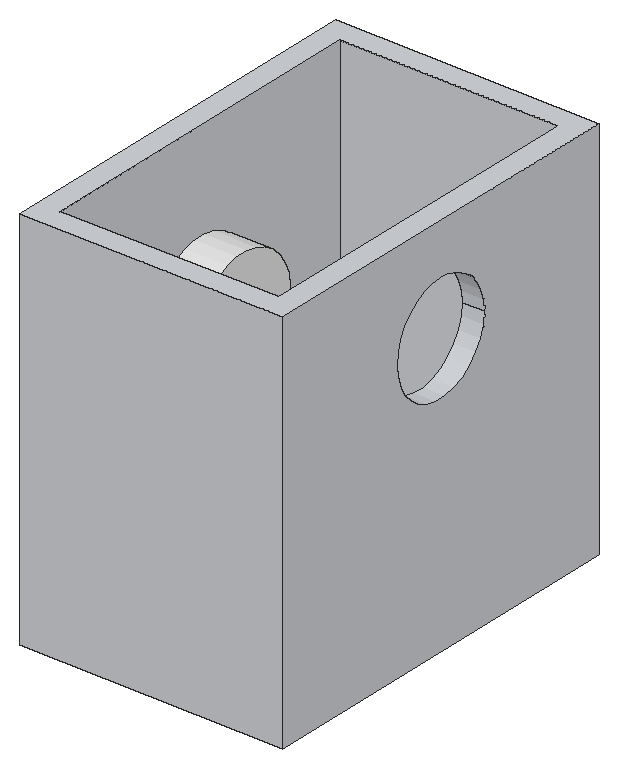
Revit family "ACO Q-Brake Vortex - Flat Type - For Rectangular Manholes", category Generic Models, host Floor, Revit 2013
Parameters
  Watermarked With = "BIM Manager Premium Suite."
  Watermarked By = "www.aco.co.uk"
  Watermark 2 = "This file is water marked and users are prohibited to reproduce, adapt, distribute this information."
  Watermark 1 = "This file is the property of ACO Technologies PLC."
  Manhole Height [instance] = 1250 mm
  Manhole Internal Length [instance] = 1200 mm
  Manhole Internal Width [instance] = 750 mm
  Manhole Inlet Pipe Diameter [instance] = 375 mm
  Manhole Inlet Pipe Invert – Ground Level to Pipe Invert [instance] = 800 mm
  Manhole Overall Depth – Ground Level to Manhole Base [instance] = 1500 mm
  Manhole Wall Thickness [instance] = 75 mm
  Design Head – Invert of outlet pipe to top water level = "Client to populate"
  ACO Q–Brake Vortex – Body Diameter [instance] = 400 mm
  ACO Q–Brake Vortex – BodyThickness [instance] = 150 mm
  ACO Q–Brake Vortex – Outlet Pipe Diameter [instance] = 225 mm
  ACO Q–Brake Vortex – Outlet Pipe Invert – Ground Level to Pipe Invert [instance] = 900 mm
  ACO Q–Brake Vortex – Orifice Diameter [instance] = 0 mm
  ACO Q–Brake Vortex – Design Flow – Max Discharge @ Design Head [instance] = 0 mm
  Void Depth [instance] = -Bottom Depth - Reference  # -1575 mm
  Created By = "www.aco.co.uk"
  Revision = "1"
  WFU = ""
  HWFU = ""
  CWFU = ""
  e-mail Technical = "technical@aco.co.uk"
  e-mail Sales = "customersupport@aco.co.uk"
  Reference [instance] = if(Manhole Dep < Manhole High, 0 mm, Manhole Dep - Manhole High)  # 250 mm
  WarrantyStartDate = ""
  WarrantyDuration = ""
  Wall Thick [instance] = if(and(Manhole Wall Thickness > 74 mm, Manhole Wall Thickness < 151 mm), Manhole Wall Thickness, -20 mm)  # 75 mm
  URL = "www.aco.co.uk"
  TypeName = ""
  Type Comments = "ACO Q-Brake Vortex Flow Control - To Suit Flat Manhole"
  Telephone = "+44 (0)1462 816666"
  TagNumber = 0 mm
  SerialNumber = 0 mm
  Reference Height [instance] = ACO Q–Brake Vortex – OPI Pipe Invert.  # 787.5 mm
  Q-Brake Vortexl Colour = "Silver"
  Q-Brake VortexRecyclable = "Fully recyclable"
  Q-Brake Vortex Recycled Material Content = "Between 40% - 90%"
  Q-Brake Vortex Material = "Stainless Steel Grade 304"
  Product brochure = "http://www.aco.co.uk/download.php?id=316"
  Product Page URL = "http://www.aco.co.uk/product_detail.php?id=53"
  Product Code = "Contact ACO for bespoke product code"
  Price = "POA - contact ACO"
  ACO Q–Brake Vortex – OPI Pipe Invert. = 787.5 mm
  Name = ""
  Model Description = "Stormwater Flow Control System"
  Model = "ACO Q-Brake Vortex"
  Manufacturer = "ACO Technologies plc - ACO Water Management Division"
  Manhole Side Width [instance] = if(and(Manhole Internal Width > 499 mm, Manhole Internal Width < 4001 mm), Manhole Internal Width, 0 mm)  # 750 mm
  Manhole Side Len [instance] = if(and(Manhole Internal Length > 499 mm, Manhole Internal Length < 4001 mm), Manhole Internal Length, 0 mm)  # 1200 mm
  Manhole High [instance] = if(and(Manhole Height > 499 mm, Manhole Height < 4001 mm), Manhole Height, 0 mm)  # 1250 mm
  Manhole Dep [instance] = if(and(Manhole Overall Depth – Ground Level to Manhole Base > 749 mm, Manhole Overall Depth – Ground Level to Manhole Base < 4251 mm), Manhole Overall Depth – Ground Level to Manhole Base, 0 mm)  # 1500 mm
  Maintenance guidelines = "http://www.aco.co.uk/download.php?id=316"
  InstallationDate = ""
  Installation guidelines = "http://www.aco.co.uk/download.php?id=316"
  Inlet Hole High [instance] = if(and(Manhole Inlet Pipe Invert – Ground Level to Pipe Invert > 799 mm, Manhole Inlet Pipe Invert – Ground Level to Pipe Invert < 4001 mm), Manhole Inlet Pipe Invert – Ground Level to Pipe Invert, -20 mm)  # 800 mm
  Inlet Opening [instance] = if(and(Manhole Inlet Pipe Diameter > 159 mm, Manhole Inlet Pipe Diameter < 1001 mm), Manhole Inlet Pipe Diameter / 2, 0 mm)  # 187.5 mm
  Void Length [instance] = Manhole Internal Length + Manhole Wall Thickness * 2  # 1350 mm
  Head High = 787.5 mm
  Void Width [instance] = Manhole Internal Width + Manhole Wall Thickness * 2  # 900 mm
  Fax = "+44 (0)1462 815895"
  Exidentifier = ""
  Created on = ""
  Created by = ""
  Cost = 0
  Centre = 0 mm
  COBie Description = ""
  Bottom Depth [instance] = Manhole High + Wall Thick  # 1325 mm
  AssetIdentifier = ""
  Assembly Code = "D2040"
  Address = "ACO Business Park, Hitchin Road, Shefford, Bedfordshire, United Kingdom SG17 5TE"
  AccessibiltyPerformance = ""
  ACO Q-Brake Vortex outlet pipe Ø = "Client to populate"
  ACO Q-Brake Vortex orifice Ø = "Contact ACO for further details"
  ACO Q-Brake Vortex body Ø = "Contact ACO for further details"
  ACO Q-Brake Vortex body width = "Contact ACO for further details"
  ACO Q-Brake Vortex Part No = "Contact ACO for further details"
  ACO Q-Brake Vortex - Design Flow – Max Discharge @ Design Head = "Client to populate"
  ACO Product Code [instance] = ""
  ACO Hydraulic Design Software = "http://www.acodesign.co.uk"
  ACO Q–Brake Vortex – Body Radius [instance] = if(and(ACO Q–Brake Vortex – Body Diameter > 149 mm, ACO Q–Brake Vortex – Body Diameter < 1501 mm), ACO Q–Brake Vortex – Body Diameter / 2, 0 mm)  # 200 mm
  ACO Q–Brake Vortex – Outlet Pipe Radius [instance] = if(and(ACO Q–Brake Vortex – Outlet Pipe Diameter > 49 mm, ACO Q–Brake Vortex – Outlet Pipe Diameter < 901 mm), ACO Q–Brake Vortex – Outlet Pipe Diameter / 2, 0 mm)  # 112.5 mm
  ACO Q–Brake Vortex – Outlet Pipe Length. [instance] = 150 mm + ACO Q–Brake Vortex – Outlet Pipe Diameter / 4  # 206.25 mm
Reference planes
  plane 1 "Center (Front/Back)": y = 0
  plane 2: z = 0
  plane 3 "Center (Left/Right)": x = 0
  plane 4: z = 787.5
  plane 5: z = -250
  plane 6: z = -1408.523
Forms (mm)
  Extrusion 1, solid
    sketch origin (0, 570, -250) x (-1, 0, 0) y (0, 1, 0)
      loop
        line (-450, 105) -> (-450, -1245) -> (450, -1245) -> (450, 105) -> (-450, 105)
    from 0 to 1325 <- "Bottom Depth"
  Extrusion 2, void
    sketch origin (0, 0, 0) x (0, 1, 0) y (0, 0, 1)
      loop
        circle (0, -787.5) r 112.5
    from -6657.624 to 0
  Extrusion 3, solid, material "Silver"
    sketch origin (-375, -600, -250) x (0, 1, 0) y (0, 0, 1)
      loop
        arc (600, -737.5) -> (741.421, -396.079) -> (400, -537.5) r 200
        line (400, -537.5) -> (400, -737.5) -> (600, -737.5)
    from 0 to 150
  Extrusion 4, solid, material "Porcelain, Linen"
    sketch origin (-375, -600, -250) x (0, -1, 0) y (0, 0, 1)
      loop
        circle (-600, -537.5) r 112.5
    from 0 to 206.25
  Extrusion 5, void
    sketch origin (0, -430, -250) x (0, -1, 0) y (-1, 0, 0)
      loop
        line (-1030, -375) -> (170, -375) -> (170, 375) -> (-1030, 375) -> (-1030, -375)
    from 0 to 1250 <- "Manhole High"
  Extrusion 6, void
    sketch origin (450, 1625, -250) x (0, 1, 0) y (0, 0, -1)
      loop
        circle (-1625, 362.5) r 187.5
    from -541.165 to 395.203
  Extrusion 7, void
    sketch origin (0, 0, 0) x (1, 0, 0) y (0, 1, 0)
      loop
        line (450, 675) -> (-450, 675) -> (-450, -675) -> (450, -675) -> (450, 675)
    from 0 to -1575 <- "Void Depth"
Cuts and joins
  Extrusion 2, Extrusion 5, Extrusion 6 cuts Extrusion 1
Dimensions and locks
  "Centre": plane 1 "Center (Front/Back)" to Extrusion 4 sketch curve
  "Reference Height": plane 4 to plane 2
  "ACO Q–Brake Vortex – BodyThickness": Extrusion 3 to Extrusion 3
  "ACO Q–Brake Vortex – Outlet Pipe Length.": Extrusion 4 to Extrusion 4
  equal spacing: cut or joined group of Extrusion 1, Extrusion 2, Extrusion 5, Extrusion 6, plane 3 "Center (Left/Right)", cut or joined group of Extrusion 1, Extrusion 2, Extrusion 5, Extrusion 6
  equal spacing: cut or joined group of Extrusion 1, Extrusion 2, Extrusion 5, Extrusion 6, plane 1 "Center (Front/Back)", cut or joined group of Extrusion 1, Extrusion 2, Extrusion 5, Extrusion 6
  "Centre": plane 1 "Center (Front/Back)" to Extrusion 3 sketch curve
  "Manhole Side Len": Extrusion 5 sketch curve to Extrusion 5 sketch curve
  "Manhole Side Width": Extrusion 5 sketch curve to Extrusion 5 sketch curve
  "Reference": plane 2 to plane 5
  "Wall Thick": cut or joined group of Extrusion 1, Extrusion 2, Extrusion 5, Extrusion 6 to cut or joined group of Extrusion 1, Extrusion 2, Extrusion 5, Extrusion 6  (x2)
  "Centre": Extrusion 6 sketch curve to plane 1 "Center (Front/Back)"
  equal spacing: Extrusion 7 sketch curve, plane 3 "Center (Left/Right)", Extrusion 7 sketch curve
  equal spacing: Extrusion 7 sketch curve, plane 1 "Center (Front/Back)", Extrusion 7 sketch curve
  Extrusion 7 sketch curve to cut or joined group of Extrusion 1, Extrusion 2, Extrusion 5, Extrusion 6 = 75 mm
  equal spacing: Extrusion 5 sketch curve, plane 3 "Center (Left/Right)", Extrusion 5 sketch curve
  equal spacing: Extrusion 5 sketch curve, plane 1 "Center (Front/Back)", Extrusion 5 sketch curve
  "Void Width": Extrusion 7 sketch curve to Extrusion 7 sketch curve
  "Void Length": Extrusion 7 sketch curve to Extrusion 7 sketch curve
  "ACO Q–Brake Vortex – OPI Pipe Invert.": plane 2 to Extrusion 2 sketch curve
  "Head High": plane 2 to Extrusion 3 sketch curve
  "ACO Q–Brake Vortex – OPI Pipe Invert.": plane 2 to Extrusion 4 sketch curve
  "Inlet Hole High": plane 2 to Extrusion 6 sketch curve
  plane 5 to plane 6 = 1158.523 mm
  "ACO Q–Brake Vortex – Outlet Pipe Radius": radius of Extrusion 4 sketch curve
  "ACO Q–Brake Vortex – Body Radius": radius of Extrusion 3 sketch curve
  "ACO Q–Brake Vortex – Outlet Pipe Radius": radius of Extrusion 2 sketch curve
  "Inlet Opening": radius of Extrusion 6 sketch curve
  aligned and locked: level to plane 2
  aligned and locked: cut or joined group of Extrusion 1, Extrusion 2, Extrusion 5, Extrusion 6 to plane 5
  aligned and locked: cut or joined group of Extrusion 1, Extrusion 2, Extrusion 5, Extrusion 6 to Extrusion 3
Automatic sketch dimensions
  plane 3 "Center (Left/Right)" to Extrusion 1 sketch curve = 450 mm
  Extrusion 1 sketch curve to plane 1 "Center (Front/Back)" = 675 mm
  Extrusion 1 sketch curve to plane 3 "Center (Left/Right)" = 450 mm
  plane 1 "Center (Front/Back)" to Extrusion 1 sketch curve = 675 mm
  Extrusion 2 sketch curve to plane 1 "Center (Front/Back)" = 0 mm
